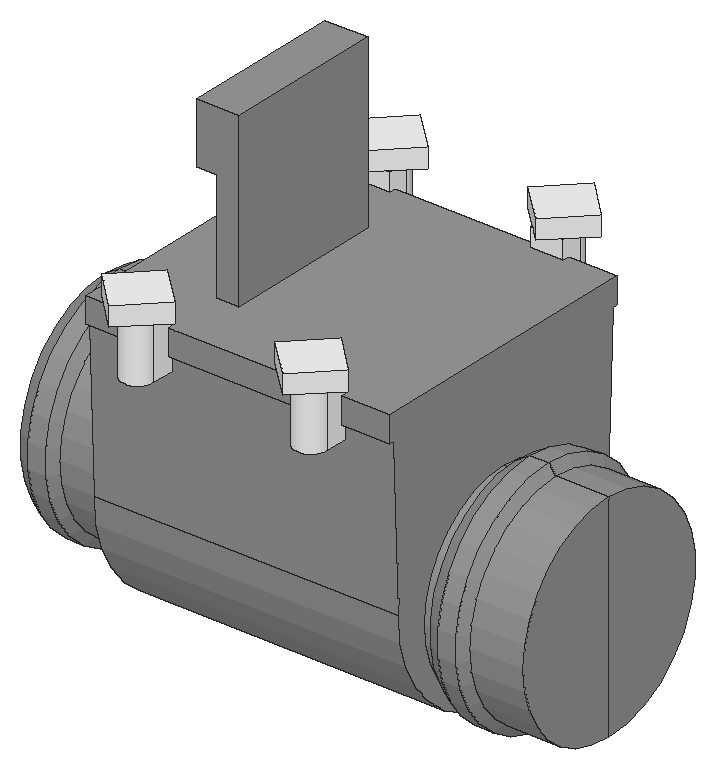
Revit family "HL_Механический канализационный затвор_HL712.1", category Příslušenství trubek, Revit 2016
Family settings
  Typ součásti = Normální
  Kóta kulaté spojky = Použít průměr
  Číslo OmniClass = 23.65.55.14.21
  Nadpis OmniClass = Non-Return Valves for Liquid Services
  Založené na pracovní rovině = Ne
  Vždy vertikální = Ano
  Ořezat dutým tvarem při načtení = Ne
  Sdílené = Ne
Parameters
  РАЗМЕР = "DN125"
  ПРОПУСКНАЯ СПОСОБНОСТЬ [instance] = 0.0 m³/h
  ПРАВОВАЯ ИНФОРМАЦИЯ = "\"Copyright (©), design rights or any other intellectual property rights, shall be the exclusive property of HL Hutterer & Lechner GmbH. Modification is not allowed. Family has been watermarked.\""
  ПАДЕНИЕ ДАВЛЕНИЯ [instance] = 0.0 Pa
  НОМИНАЛЬНЫЙ ДИАМЕТР 2 = 125 mm
  НОМИНАЛЬНЫЙ ДИАМЕТР = 125 mm
  МАТЕРИАЛ = "ABS"
  ВЫСОТА МОНТАЖА = "320 mm"
  ВЕС = "2,235 kg"
  Výrobce = "HL Hutterer & Lechner GmbH"
  URL = "http://www.hutterer-lechner.com/en/products/catalog/roof-drains/HL712.1.aspx"
  Description = "Anti flood valves"
  Model = "HL712.1"
  Type Comments = "anti-flood valve DN125 with stainless steel flap and manual blocking"
  Keynote = "HL712.1"
  EAN = "9003076971213"
  Cena = 0
Types (2, lengths in mm): name | ПРАВОВАЯ ИНФОРМАЦИЯ | URL | Description | Type Comments
  (no name) | "\"Copyright (©), design rights or any other intellectual property rights, shall be the exclusive property of HL Hutterer & Lechner GmbH. Modification is not allowed. Family has been watermarked.\"" | "http://www.hutterer-lechner.com/en/products/catalog/roof-drains/HL712.1.aspx" | "Anti flood valves" | "anti-flood valve DN125 with stainless steel flap and manual blocking"
  HL_Механический канализационный затвор_HL712.1 | "\"Авторские права(©), права на дизайн или какие либо другие права интелектуальной собственности являются исключительной собственностью компании HL Hutterer & Lechner. Изменению не подлежит. Файл семейства с данными о прозводителе изделия защищен паролем с водяным знаком.\"" | "http://www.hutterer-lechner.com/ru/products/catalog/roof-drains/HL712.1.aspx" | "Механический канализационный затвор" | "Механический канализационный затвор DN125 с заслонкой из нержавеющей стали и ручным затвором"
Reference planes
  plane 1 "Střed (vpředu/vzadu)": y = 0
  plane 2: z = 0
  plane 3 "Střed (vlevo/vpravo)": x = 0
Forms (mm)
  Sweep 1, solid, material "Plastic - Orange", detail levels fine
    path origin (99.75, 0, 113.4) x (1, 0, 0) y (0, 1, 0)
      loop
        line (94.75, 0) -> (-94.75, 0)
    profile origin (99.75, 0, 113.4) x (0, -1, 0) y (0, 0, 1)
      loop
        line (0, 0) -> (-88.191, 0) -> (-88.191, -16) -> (-85.007, -16) -> (-81.547, -115.07)
        arc (-81.547, -115.07) -> (-58.136, -173.311) -> (0, -196.982) r 80.412
        arc (0, -196.982) -> (58.136, -173.311) -> (81.547, -115.07) r 80.412
        line (81.547, -115.07) -> (85.007, -16) -> (88.191, -16) -> (88.191, 0) -> (0, 0)
  Extrusion 2, solid, material "Plactic - White", detail levels fine
    sketch origin (99.75, 0, 113.4) x (1, 0, 0) y (0, 1, 0)
      loop
        line (54, -121.127) -> (76.627, -98.5) -> (54, -75.873) -> (31.373, -98.5) -> (54, -121.127)
    from 11.235 to 23.235
  Extrusion 3, solid, material "Plactic - White", detail levels fine
    sketch origin (99.75, 0, 124.635) x (0, 1, 0) y (1, 0, 0)
      loop
        arc (-98.5, 64) -> (-108.5, 54) -> (-98.5, 44) r 10
        line (-98.5, 44) -> (-84.694, 44) -> (-84.694, 64) -> (-98.5, 64)
    from 0 to 37.235
  Extrusion 4, solid, material "Plactic - White", detail levels fine
    sketch origin (-8.25, 0, 113.4) x (1, 0, 0) y (0, 1, 0)
      loop
        line (54, -121.127) -> (76.627, -98.5) -> (54, -75.873) -> (31.373, -98.5) -> (54, -121.127)
    from 11.235 to 23.235
  Extrusion 5, solid, material "Plactic - White", detail levels fine
    sketch origin (-8.25, 0, 124.635) x (0, 1, 0) y (1, 0, 0)
      loop
        arc (-98.5, 64) -> (-108.5, 54) -> (-98.5, 44) r 10
        line (-98.5, 44) -> (-84.694, 44) -> (-84.694, 64) -> (-98.5, 64)
    from 0 to 37.235
  Extrusion 6, solid, material "Plactic - White", detail levels fine
    sketch origin (99.75, 0, 113.4) x (1, 0, 0) y (0, 1, 0)
      loop
        line (54, 121.127) -> (31.373, 98.5) -> (54, 75.873) -> (76.627, 98.5) -> (54, 121.127)
    from 11.235 to 23.235
  Extrusion 7, solid, material "Plactic - White", detail levels fine
    sketch origin (99.75, 0, 124.635) x (0, -1, 0) y (1, 0, 0)
      loop
        arc (-98.5, 64) -> (-108.5, 54) -> (-98.5, 44) r 10
        line (-98.5, 44) -> (-84.694, 44) -> (-84.694, 64) -> (-98.5, 64)
    from 0 to 37.235
  Extrusion 8, solid, material "Plactic - White", detail levels fine
    sketch origin (-8.25, 0, 113.4) x (1, 0, 0) y (0, 1, 0)
      loop
        line (54, 121.127) -> (31.373, 98.5) -> (54, 75.873) -> (76.627, 98.5) -> (54, 121.127)
    from 11.235 to 23.235
  Extrusion 9, solid, material "Plactic - White", detail levels fine
    sketch origin (-8.25, 0, 124.635) x (0, 1, 0) y (1, 0, 0)
      loop
        line (98.5, 64) -> (84.694, 64) -> (84.694, 44) -> (98.5, 44)
        arc (98.5, 44) -> (108.5, 54) -> (98.5, 64) r 10
    from 0 to 37.235
  Revolve 10, solid, material "Plastic - Orange", not visible, detail levels fine
    sketch origin (103.686, 0, 113.4) x (1, 0, 0) y (0, 0, 1)
      loop
        line (156.6, -128.5) -> (90.814, -128.5) -> (90.814, -191) -> (156.6, -191) -> (156.6, -128.5)
      axis (156.6, -128.5) -> (90.814, -128.5)
    angle from 0 to 360
  Revolve 11, solid, material "Plastic - Orange", detail levels fine
    sketch origin (103.686, 0, 113.4) x (1, 0, 0) y (0, 0, 1)
      loop
        line (-156.6, -113.4) -> (-156.6, -180.418) -> (-147.791, -186.042) -> (-136.164, -186.448) -> (-131.953, -180.418) -> (-98.686, -180.418) -> (-98.686, -113.4) -> (-156.6, -113.4)
      axis (-98.686, -113.4) -> (-156.6, -113.4)
    angle from 0 to 360
  Extrusion 12, solid, material "Plastic - Red", detail levels fine
    sketch origin (103.686, 0, 113.4) x (1, 0, 0) y (0, 0, 1)
      loop
        line (-60.186, 106.5) -> (-60.186, 68.5) -> (-47.686, 68.5) -> (-47.686, 0) -> (-33.686, 0) -> (-33.686, 106.5) -> (-60.186, 106.5)
    from -50 to 50
  Revolve 13, solid, material "Plastic - Orange", detail levels fine
    sketch origin (358.972, 0, 98.3) x (1, 0, 0) y (0, 0, 1)
      loop
        line (-164.472, -113.4) -> (-164.472, -175.418) -> (-156.6, -175.418) -> (-156.6, -180.418) -> (-147.791, -186.042) -> (-136.164, -186.448) -> (-131.953, -180.418) -> (-98.686, -180.418) -> (-98.686, -113.4) -> (-164.472, -113.4)
      axis (-98.686, -113.4) -> (-164.472, -113.4)
    angle from 0 to 360
Lines and regions (mm)
  model lines, style "Symbol", detail levels coarse+medium
    curve 1: line (0, 0, 0) -> (260.286, 0, -23.04)
    curve 2: line (255.143, 0, -71.52) -> (255.143, 0, 48.48)
    curve 3: line (255.143, 0, 48.48) -> (5.143, 0, 48.48)
    curve 4: line (5.143, 0, -71.52) -> (5.143, 0, 48.48)
    curve 13: line (255.143, 0, -71.52) -> (5.143, 0, -71.52)
  symbolic lines, style "Symbol", detail levels coarse+medium
    curve 5: line (260.286, 0, 0) -> (0, 0, 0)
    curve 6: line (255.143, -60, 0) -> (255.143, 60, 0)
    curve 7: line (255.143, 60, 0) -> (5.143, 60, 0)
    curve 8: line (5.143, -60, 0) -> (5.143, 60, 0)
    curve 9: line (130.143, -105, 0) -> (130.143, 105, 0)
    curve 10: line (255.143, -60, 0) -> (5.143, -60, 0)
  model lines, detail levels coarse+medium
    curve 11: line (130.143, 0, -11.52) -> (130.143, 0, 93.48)
    curve 12: line (130.143, 0, -116.52) -> (130.143, 0, -11.52)
Dimensions and locks
  aligned and locked: level to plane 2
Connectors
  piping at (0, 0, 0), diameter 125, driven by "ПАДЕНИЕ ДАВЛЕНИЯ", driven by "НОМИНАЛЬНЫЙ ДИАМЕТР", driven by "ПРОПУСКНАЯ СПОСОБНОСТЬ"
    settings: on plane 3 "Střed (vlevo/vpravo)", index 1, connector inside diameter 609.6 mm, connector length 0 mm, flow factor 0, pipe flow 0.0 m³/h, pressure drop 0.0 Pa, fitting loss kfactor 0, connector angle 0.00°, fixture units 0, engagement length 0 mm, angle of deflection 0.00°, flow configuration 0, flow direction 0, fitting loss method 4, system type 16, joint type 0, gender type 0, connector reference index -1, connector utility 0, adjustable connector no, is connector primary yes, connector description ""
  piping at (260.286, 0, -15.1), diameter 125, driven by "НОМИНАЛЬНЫЙ ДИАМЕТР 2", driven by "ПРОПУСКНАЯ СПОСОБНОСТЬ"
    settings: on Revolve 10, index 2, connector inside diameter 609.6 mm, connector length 0 mm, flow factor 0, pipe flow 0.0 m³/h, pressure drop 0.0 Pa, fitting loss kfactor 0, connector angle 0.00°, fixture units 0, engagement length 0 mm, angle of deflection 0.00°, flow configuration 1, flow direction 2, fitting loss method 4, system type 16, joint type 0, gender type 0, connector reference index -1, connector utility 0, adjustable connector no, is connector primary no, connector description ""
